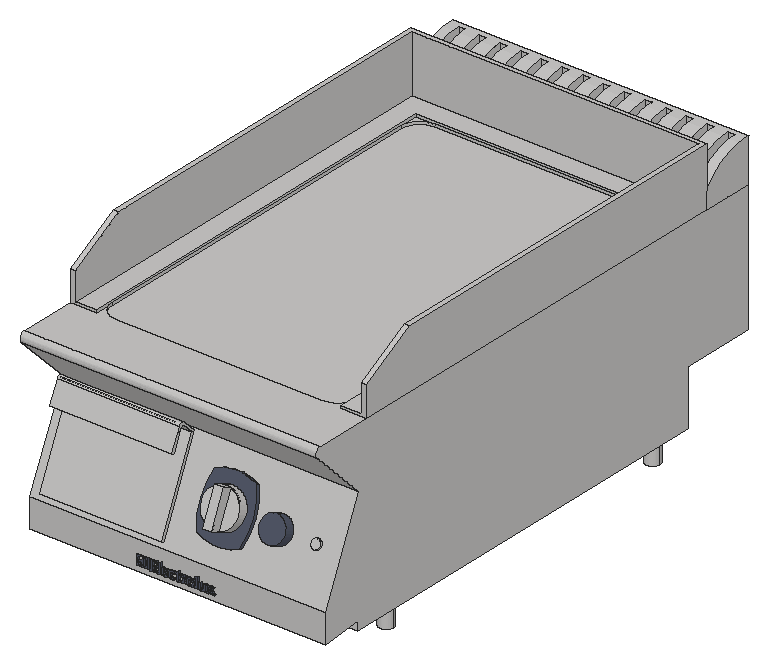
Revit family "QF_ELECTROLUXPROFESSIONAL_Professional_371323_E7IILAAOMCA", category Specialty Equipment, Revit 2018
Family settings
  Round Connector Dimension = Use Diameter
  Part Type = Normal
  Work Plane-Based = No
  Always vertical = Yes
  Cut with Voids When Loaded = No
  Shared = No
  Room Calculation Point = No
Parameters
  Width = 400.05 mm  # constant formula
  Weight in Pounds = 88  # constant formula
  Watts = 0 W
  URL Cutsheet = "www.electrolux.com/foodservice"
  URL = "www.electrolux.com/foodservice"
  Type Mark [instance] = ""
  Status [instance] = ""
  Specification by User [instance] = ""
  Specification by Manufacturer = ""
  Show Logo [instance] = yes
  Show Clearance [instance] = yes
  Serial Number = ""
  Seismic Rating = ""
  SMACNA No = ""
  Revision Code [instance] = ""
  Omniclass Number and Title = ""
  NAFEM Spec ID Number = ""
  Model = "371030"
  Mechanical Remarks = ""
  Mechanical Connection Type = ""
  Masterspec = ""
  Manufacturer = "ELECTROLUX"
  Item Number [instance] = ""
  Installed By [instance] = ""
  Identify Quantity as Lot [instance] = yes
  Height = 355.005 mm  # constant formula
  HP = "0 HP"
  Gas Size = 12.7 mm  # 1/2"
  Gas RI Height [instance] = 0 mm
  Gas KW = 7  # constant formula
  Gas Input [instance] = 6993.55 VA  # 23863.0 Btu/h
  Gas Connection Height = 0 mm
  Furnished By [instance] = ""
  Foodservice Equipment Identifier [instance] = yes
  Direct Waste Size = 0"
  Description = "700XP Half Module Gas Fry Top, Ribbed Plate, Mild Steel"
  Depth = 730.25 mm  # constant formula
  CSI MasterFormat = ""
  CSI Master Format = ""
  Base Height [instance] = 23.813 mm  # constant formula
  Assembly Code = ""
Reference planes
  plane 1 "BACK": y = 0
  plane 2: z = 0
  plane 3 "LEFT": x = 0
  plane 4 "RIGHT": x = 400.05
  plane 5 "FRONT": y = -730.25
  plane 6 "TOP": z = 288.925
  plane 7 "Center Y": x = 200.025
  plane 8 "Center X": y = -365.125
  plane 9 "BASE": z = 23.813
  plane 10 "TOP A": z = 274.638
  plane 11: y = -597.884
  plane 12: y = -147.637
  plane 13: z = 355.005
Forms (mm)
  Extrusion 1, solid, material "QF_Finishes_Stainless Steel"
    sketch origin (0, 0, 0) x (0, 1, 0) y (0, 0, 1)
      loop
        line (0, 274.638) -> (-722.884, 274.638)
        arc (-722.884, 274.638) -> (-729.666, 270.106) -> (-728.075, 262.105) r 7.341
        line (-728.075, 262.105) -> (-657.416, 191.447) -> (-713.772, 69.003) -> (-713.772, 30.903) -> (-660.4, 36.513) -> (-660.4, 23.812) -> (-101.6, 23.812) -> (-101.6, 98.425) -> (0, 98.425) -> (0, 274.638)
    from 0 to 400.05
  Extrusion 2, void
    sketch origin (0, -2.381, 274.638) x (-1, 0, 0) y (0, -1, 0)
      loop
        arc (-60.425, 102.504) -> (-42.464, 109.943) -> (-35.025, 127.904) r 25.4
        line (-35.025, 127.904) -> (-35.025, 617.104)
        arc (-35.025, 617.104) -> (-42.464, 635.064) -> (-60.425, 642.504) r 25.4
        line (-60.425, 642.504) -> (-339.625, 642.504)
        arc (-339.625, 642.504) -> (-357.586, 635.064) -> (-365.025, 617.104) r 25.4
        line (-365.025, 617.104) -> (-365.025, 127.904)
        arc (-365.025, 127.904) -> (-357.586, 109.943) -> (-339.625, 102.504) r 25.4
        line (-339.625, 102.504) -> (-60.425, 102.504)
    from 0 to -3.2
  Extrusion 3, solid, material "QF_Finishes_Stainless Steel"
    sketch origin (0, 0, 0) x (1, 0, 0) y (0, 1, 0)
      loop
        circle (11.112, -147.638) r 9.525
      loop
        circle (11.112, -597.884) r 9.525
      loop
        circle (388.937, -147.638) r 9.525
      loop
        circle (388.937, -597.884) r 9.525
    from 0 to 23.813
  Extrusion 4, solid, material "QF_Finishes_Navy Blue", visible <- "Show Logo"
    sketch origin (-141.676, -713.772, 30.903) x (0, 0, 1) y (-1, 0, 0)
      loop
        line (20.674, -296.698) -> (8.307, -296.698)
        arc (8.307, -296.698) -> (14.491, -301.27) -> (20.674, -296.698) r 6.467
      loop
        arc (20.674, -296.069) -> (19.505, -290.926) -> (14.849, -288.448) r 6.338
        line (14.849, -288.448) -> (14.849, -290.494)
        arc (14.849, -290.494) -> (16.333, -294.149) -> (19.778, -296.069) r 5.941
        line (19.778, -296.069) -> (20.674, -296.069)
      loop
        arc (9.203, -296.069) -> (12.648, -294.149) -> (14.132, -290.494) r 5.941
        line (14.132, -290.494) -> (14.132, -288.448)
        arc (14.132, -288.448) -> (9.438, -290.922) -> (8.148, -296.069) r 6.504
        line (8.148, -296.069) -> (9.203, -296.069)
      loop
        line (21.349, -287.979) -> (7.604, -287.979) -> (7.604, -301.742) -> (21.349, -301.742) -> (21.349, -287.979)
      loop
        arc (21.432, -304.71) -> (21.085, -304.352) -> (20.718, -304.69) r 0.358
        arc (20.718, -304.69) -> (20.404, -305.44) -> (19.687, -305.825) r 1.216
        line (19.687, -305.825) -> (9.274, -305.825)
        arc (9.274, -305.825) -> (8.614, -305.548) -> (8.218, -304.951) r 1.238
        arc (8.218, -304.951) -> (7.823, -304.7) -> (7.518, -305.054) r 0.358
        line (7.518, -305.054) -> (7.518, -314.933) -> (10.269, -314.933) -> (10.269, -314.036)
        arc (10.269, -314.036) -> (9.36, -313.456) -> (8.904, -312.479) r 1.928
        line (8.904, -312.479) -> (8.904, -309.98)
        arc (8.904, -309.98) -> (9.18, -309.251) -> (9.868, -308.887) r 1.101
        line (9.868, -308.887) -> (13.955, -308.887) -> (13.955, -312.561)
        arc (13.955, -312.561) -> (13.602, -313.058) -> (13.037, -313.286) r 1.083
        arc (13.037, -313.286) -> (12.773, -313.591) -> (13.065, -313.869) r 0.292
        line (13.065, -313.869) -> (16.028, -313.869)
        arc (16.028, -313.869) -> (16.33, -313.596) -> (16.092, -313.266) r 0.305
        arc (16.092, -313.266) -> (15.601, -313.018) -> (15.296, -312.561) r 1.083
        line (15.296, -312.561) -> (15.296, -308.887) -> (19.973, -308.887) -> (19.973, -312.635)
        arc (19.973, -312.635) -> (19.759, -313.39) -> (19.153, -313.888) r 1.314
        arc (19.153, -313.888) -> (18.934, -314.292) -> (19.288, -314.585) r 0.361
        line (19.288, -314.585) -> (21.432, -314.585) -> (21.432, -304.71)
      loop
        arc (20.715, -315.365) -> (20.335, -316.284) -> (19.416, -316.664) r 1.299
        line (19.416, -316.664) -> (9.837, -316.664)
        arc (9.837, -316.664) -> (8.999, -316.286) -> (8.728, -315.408) r 1.118
        line (8.728, -315.408) -> (7.518, -315.408) -> (7.518, -320.758) -> (8.706, -320.758)
        arc (8.706, -320.758) -> (8.978, -319.841) -> (9.848, -319.445) r 1.153
        line (9.848, -319.445) -> (21.92, -319.445) -> (20.715, -315.365)
      loop
        line (12.483, -323.394) -> (12.483, -329.842) -> (13.282, -329.842)
        arc (13.282, -329.842) -> (15.862, -328.857) -> (17.131, -326.404) r 3.874
        line (17.131, -326.404) -> (17.131, -324.643)
        arc (17.131, -324.643) -> (15.944, -321.778) -> (13.08, -320.592) r 4.051
        line (13.08, -320.592) -> (11.072, -320.592)
        arc (11.072, -320.592) -> (8.253, -322.077) -> (7.202, -325.084) r 4.352
        arc (7.202, -325.084) -> (7.566, -327.547) -> (8.943, -329.621) r 5.713
        line (8.943, -329.621) -> (9.892, -329.621)
        arc (9.892, -329.621) -> (9.16, -328.052) -> (8.943, -326.334) r 5.579
        arc (8.943, -326.334) -> (9.737, -324.371) -> (11.616, -323.394) r 3.057
        line (11.616, -323.394) -> (12.483, -323.394)
      loop
        line (13.742, -323.394) -> (13.742, -326.977)
        arc (13.742, -326.977) -> (15.199, -327.024) -> (16.082, -325.864) r 1.59
        line (16.082, -325.864) -> (16.082, -325.034)
        arc (16.082, -325.034) -> (15.217, -323.779) -> (13.742, -323.394) r 2.184
      loop
        arc (16.533, -339.259) -> (17.022, -337.585) -> (17.179, -335.848) r 9.023
        line (17.179, -335.848) -> (17.179, -334.486)
        arc (17.179, -334.486) -> (16.02, -331.686) -> (13.22, -330.527) r 3.959
        line (13.22, -330.527) -> (10.62, -330.527)
        arc (10.62, -330.527) -> (8.338, -331.819) -> (7.221, -334.192) r 4.331
        line (7.221, -334.192) -> (7.221, -336.327)
        arc (7.221, -336.327) -> (7.729, -337.877) -> (8.651, -339.223) r 5.772
        arc (8.651, -339.223) -> (9.412, -339.274) -> (9.499, -338.515) r 0.553
        arc (9.499, -338.515) -> (9.111, -337.781) -> (8.977, -336.962) r 2.573
        line (8.977, -336.962) -> (8.977, -335.447)
        arc (8.977, -335.447) -> (9.983, -333.806) -> (11.798, -333.163) r 2.884
        line (11.798, -333.163) -> (13.077, -333.163)
        arc (13.077, -333.163) -> (14.898, -333.723) -> (15.824, -335.388) r 2.554
        line (15.824, -335.388) -> (15.824, -336.441)
        arc (15.824, -336.441) -> (15.493, -337.369) -> (14.836, -338.104) r 2.564
        arc (14.836, -338.104) -> (14.614, -338.821) -> (15.223, -339.259) r 0.643
        line (15.223, -339.259) -> (16.533, -339.259)
      loop
        line (15.515, -339.53) -> (15.515, -341.031) -> (9.467, -341.031)
        arc (9.467, -341.031) -> (7.879, -341.688) -> (7.221, -343.276) r 2.246
        line (7.221, -343.276) -> (7.221, -344.86)
        arc (7.221, -344.86) -> (7.535, -345.725) -> (8.035, -346.496) r 4.06
        arc (8.035, -346.496) -> (8.768, -346.629) -> (9.019, -345.928) r 0.576
        arc (9.019, -345.928) -> (8.913, -345.403) -> (8.977, -344.87) r 1.69
        arc (8.977, -344.87) -> (9.519, -344.082) -> (10.425, -343.779) r 1.506
        line (10.425, -343.779) -> (15.563, -343.779) -> (15.563, -346.176) -> (16.119, -346.733) -> (16.941, -346.733) -> (16.941, -343.873) -> (20.172, -343.873) -> (15.515, -339.53)
      loop
        line (7.438, -347.63) -> (7.438, -353.017) -> (8.548, -353.017)
        arc (8.548, -353.017) -> (8.942, -352.066) -> (9.893, -351.672) r 1.345
        line (9.893, -351.672) -> (13.509, -351.672)
        arc (13.509, -351.672) -> (14.274, -352.264) -> (14.564, -353.186) r 1.615
        line (14.564, -353.186) -> (14.564, -354.742) -> (17.119, -355.427) -> (17.119, -354.044) -> (15.177, -351.485) -> (17.057, -351.485) -> (16.773, -348.779)
        arc (16.773, -348.779) -> (16.333, -348.249) -> (15.674, -348.45) r 0.621
        arc (15.674, -348.45) -> (15.274, -348.792) -> (14.78, -348.975) r 1.501
        line (14.78, -348.975) -> (9.893, -348.975)
        arc (9.893, -348.975) -> (8.942, -348.581) -> (8.548, -347.63) r 1.345
        line (8.548, -347.63) -> (7.438, -347.63)
      loop
        line (13.54, -354.964) -> (10.848, -354.964)
        arc (10.848, -354.964) -> (8.403, -356.272) -> (7.269, -358.803) r 4.288
        arc (7.269, -358.803) -> (7.205, -360.183) -> (7.269, -361.563) r 15.022
        arc (7.269, -361.563) -> (8.403, -364.094) -> (10.848, -365.401) r 4.288
        line (10.848, -365.401) -> (13.54, -365.401)
        arc (13.54, -365.401) -> (15.986, -364.094) -> (17.119, -361.563) r 4.288
        arc (17.119, -361.563) -> (17.183, -360.183) -> (17.119, -358.803) r 15.022
        arc (17.119, -358.803) -> (15.986, -356.272) -> (13.54, -354.964) r 4.288
      loop
        line (13.745, -358.078) -> (10.643, -358.078)
        arc (10.643, -358.078) -> (8.486, -360.235) -> (10.643, -362.392) r 2.157
        line (10.643, -362.392) -> (13.745, -362.392)
        arc (13.745, -362.392) -> (15.902, -360.235) -> (13.745, -358.078) r 2.157
      loop
        arc (20.726, -365.26) -> (20.355, -366.154) -> (19.461, -366.524) r 1.264
        line (19.461, -366.524) -> (9.597, -366.524)
        arc (9.597, -366.524) -> (8.727, -366.127) -> (8.455, -365.211) r 1.153
        line (8.455, -365.211) -> (7.518, -365.211) -> (7.518, -370.319) -> (8.446, -370.319)
        arc (8.446, -370.319) -> (8.805, -369.547) -> (9.597, -369.232) r 1.153
        line (9.597, -369.232) -> (21.92, -369.232) -> (20.726, -365.26)
      loop
        arc (15.846, -369.857) -> (15.647, -370.921) -> (14.678, -371.403) r 1.215
        line (14.678, -371.403) -> (9.658, -371.403)
        arc (9.658, -371.403) -> (8.043, -372.051) -> (7.322, -373.634) r 2.338
        line (7.322, -373.634) -> (7.322, -375.148)
        arc (7.322, -375.148) -> (7.497, -376.152) -> (7.999, -377.038) r 2.979
        line (7.999, -377.038) -> (7.518, -378.835) -> (7.518, -380.524) -> (16.943, -380.524) -> (16.649, -376.32) -> (15.863, -376.32)
        arc (15.863, -376.32) -> (15.507, -377.156) -> (14.755, -377.665) r 1.605
        line (14.755, -377.665) -> (9.652, -377.665)
        arc (9.652, -377.665) -> (9.232, -376.728) -> (9.159, -375.704) r 2.94
        arc (9.159, -375.704) -> (9.72, -374.603) -> (10.873, -374.16) r 1.724
        line (10.873, -374.16) -> (17.07, -374.16) -> (15.846, -369.857)
      loop
        line (16.874, -381.377) -> (15.202, -383.423) -> (12.028, -385.729) -> (8.572, -382.617)
        arc (8.572, -382.617) -> (8.335, -382.223) -> (8.357, -381.764) r 0.789
        line (8.357, -381.764) -> (7.518, -381.764) -> (7.518, -385.309) -> (8.344, -385.309)
        arc (8.344, -385.309) -> (8.686, -384.947) -> (9.176, -385.039) r 0.52
        line (9.176, -385.039) -> (10.976, -386.51) -> (8.858, -387.886)
        arc (8.858, -387.886) -> (8.457, -387.576) -> (8.37, -387.076) r 0.7
        line (8.37, -387.076) -> (7.518, -387.076) -> (7.518, -393.003) -> (8.405, -393.003)
        arc (8.405, -393.003) -> (8.472, -392.344) -> (8.866, -391.813) r 1.247
        line (8.866, -391.813) -> (13.066, -388.532) -> (15.513, -390.585) -> (16.874, -392.327) -> (16.874, -388.604) -> (15.389, -389.026) -> (13.868, -387.749) -> (15.568, -386.559) -> (16.874, -387.336) -> (16.874, -381.377)
    from 0 to 1.644
  Extrusion 5, solid, material "QF_Finishes_Stainless Steel"
    sketch origin (0, -101.6, 101.6) x (0, 0, -1) y (-1, 0, 0)
      loop
        circle (43.882, -347.663) r 6.35
    from 0 to 3.175
  Extrusion 6, solid, material "QF_Finishes_Clearance", visible <- "Show Clearance", detail levels coarse
    sketch origin (0, 0, 0) x (1, 0, 0) y (0, 1, 0)
      loop
        line (0, -730.25) -> (0, 0) -> (400.05, 0) -> (400.05, -730.25) -> (550.069, -730.25) -> (550.069, 150.019) -> (-150.019, 150.019) -> (-150.019, -730.25) -> (0, -730.25)
    from 0 to 355.005
  Extrusion 7, solid, material "QF_Finishes_Stainless Steel"
    sketch origin (0, 0, 0) x (0, 1, 0) y (0, 0, 1)
      loop
        line (-658.831, 188.372) -> (-675.238, 204.778)
        arc (-675.238, 204.778) -> (-679.705, 206.181) -> (-683.409, 203.316) r 5.058
        line (-683.409, 203.316) -> (-696.071, 175.806) -> (-693.187, 174.479) -> (-680.525, 201.989)
        arc (-680.525, 201.989) -> (-679.146, 203.055) -> (-677.483, 202.533) r 1.883
        line (-677.483, 202.533) -> (-662.64, 187.69) -> (-713.474, 77.245) -> (-710.589, 75.918) -> (-658.831, 188.372)
    from 12.7 to 177.8
  Extrusion 8, solid, material "QF_Finishes_Drawer Clearance", visible <- "Show Clearance", detail levels coarse
    sketch origin (0, -101.6, 0) x (0, 1, 0) y (0, 0, 1)
      loop
        line (-660.751, 174.479) -> (-648.089, 201.989)
        arc (-648.089, 201.989) -> (-646.71, 203.055) -> (-645.046, 202.533) r 1.883
        line (-645.046, 202.533) -> (-630.204, 187.69) -> (-681.037, 77.245) -> (-678.153, 75.918) -> (-608.989, 75.918) -> (-557.231, 188.372) -> (-573.638, 204.778)
        arc (-573.638, 204.778) -> (-574.873, 205.685) -> (-576.323, 206.181) r 5.058
        line (-576.323, 206.181) -> (-647.269, 206.181)
        arc (-647.269, 206.181) -> (-649.472, 205.203) -> (-650.973, 203.316) r 5.058
        line (-650.973, 203.316) -> (-663.635, 175.806) -> (-660.751, 174.479)
    from 12.7 to 177.8
  Extrusion 9, solid, material "QF_Finishes_Stainless Steel"
    sketch origin (0, 0, 0) x (0, 1, 0) y (0, 0, 1)
      loop
        line (0, 274.638) -> (0, 333.375)
        arc (0, 333.375) -> (-38.879, 324.991) -> (-69.85, 300.038) r 86.156
        line (-69.85, 300.038) -> (-69.85, 274.638) -> (0, 274.638)
    from 0 to 400.05
  Extrusion 10, void
    sketch origin (0, 0, 274.638) x (-1, 0, 0) y (0, -1, 0)
      loop
        line (-13.453, 6.761) -> (-13.453, 63.911) -> (-22.749, 63.911) -> (-22.749, 6.761) -> (-13.453, 6.761)
    from 25.4 to 63.5
  Extrusion 11, void
    sketch origin (400.05, 0, 274.638) x (1, 0, 0) y (0, 1, 0)
      loop
        line (-13.453, -6.761) -> (-22.749, -6.761) -> (-22.749, -63.911) -> (-13.453, -63.911) -> (-13.453, -6.761)
    from 25.4 to 63.5
  Extrusion 12, void
    sketch origin (27.988, 0, 274.638) x (-1, 0, 0) y (0, -1, 0)
      loop
        line (-13.453, 6.761) -> (-13.453, 63.911) -> (-22.749, 63.911) -> (-22.749, 6.761) -> (-13.453, 6.761)
    from 25.4 to 63.5
  Extrusion 13, void
    sketch origin (55.977, 0, 274.638) x (-1, 0, 0) y (0, -1, 0)
      loop
        line (-13.453, 6.761) -> (-13.453, 63.911) -> (-22.749, 63.911) -> (-22.749, 6.761) -> (-13.453, 6.761)
    from 25.4 to 63.5
  Extrusion 14, void
    sketch origin (83.965, 0, 274.638) x (-1, 0, 0) y (0, -1, 0)
      loop
        line (-13.453, 6.761) -> (-13.453, 63.911) -> (-22.749, 63.911) -> (-22.749, 6.761) -> (-13.453, 6.761)
    from 25.4 to 63.5
  Extrusion 15, void
    sketch origin (111.953, 0, 274.638) x (-1, 0, 0) y (0, -1, 0)
      loop
        line (-13.453, 6.761) -> (-13.453, 63.911) -> (-22.749, 63.911) -> (-22.749, 6.761) -> (-13.453, 6.761)
    from 25.4 to 63.5
  Extrusion 16, void
    sketch origin (139.942, 0, 274.638) x (-1, 0, 0) y (0, -1, 0)
      loop
        line (-13.453, 6.761) -> (-13.453, 63.911) -> (-22.749, 63.911) -> (-22.749, 6.761) -> (-13.453, 6.761)
    from 25.4 to 63.5
  Extrusion 17, void
    sketch origin (167.93, 0, 274.638) x (-1, 0, 0) y (0, -1, 0)
      loop
        line (-13.453, 6.761) -> (-13.453, 63.911) -> (-22.749, 63.911) -> (-22.749, 6.761) -> (-13.453, 6.761)
    from 25.4 to 63.5
  Extrusion 18, void
    sketch origin (195.918, 0, 274.638) x (-1, 0, 0) y (0, -1, 0)
      loop
        line (-13.453, 6.761) -> (-13.453, 63.911) -> (-22.749, 63.911) -> (-22.749, 6.761) -> (-13.453, 6.761)
    from 25.4 to 63.5
  Extrusion 19, void
    sketch origin (223.907, 0, 274.638) x (-1, 0, 0) y (0, -1, 0)
      loop
        line (-13.453, 6.761) -> (-13.453, 63.911) -> (-22.749, 63.911) -> (-22.749, 6.761) -> (-13.453, 6.761)
    from 25.4 to 63.5
  Extrusion 20, void
    sketch origin (251.895, 0, 274.638) x (-1, 0, 0) y (0, -1, 0)
      loop
        line (-13.453, 6.761) -> (-13.453, 63.911) -> (-22.749, 63.911) -> (-22.749, 6.761) -> (-13.453, 6.761)
    from 25.4 to 63.5
  Extrusion 21, void
    sketch origin (279.884, 0, 274.638) x (-1, 0, 0) y (0, -1, 0)
      loop
        line (-13.453, 6.761) -> (-13.453, 63.911) -> (-22.749, 63.911) -> (-22.749, 6.761) -> (-13.453, 6.761)
    from 25.4 to 63.5
  Extrusion 22, void
    sketch origin (307.872, 0, 274.638) x (-1, 0, 0) y (0, -1, 0)
      loop
        line (-13.453, 6.761) -> (-13.453, 63.911) -> (-22.749, 63.911) -> (-22.749, 6.761) -> (-13.453, 6.761)
    from 25.4 to 63.5
  Extrusion 23, void
    sketch origin (335.86, 0, 274.638) x (-1, 0, 0) y (0, -1, 0)
      loop
        line (-13.453, 6.761) -> (-13.453, 63.911) -> (-22.749, 63.911) -> (-22.749, 6.761) -> (-13.453, 6.761)
    from 25.4 to 63.5
  Sweep 24, solid, material "QF_Finishes_Stainless Steel"
    path origin (0, -2.381, 274.638) x (-1, 0, 0) y (0, -1, 0)
      loop
        line (-365.025, 642.504) -> (-365.025, 102.504) -> (-35.025, 102.504) -> (-35.025, 642.504)
    profile origin (35.025, -374.885, 274.638) x (1, 0, 0) y (0, 0, 1)
      loop
        line (-35.025, 0) -> (0, 0) -> (0, 3.175) -> (-28.675, 3.175) -> (-28.675, 80.367) -> (-35.025, 80.367) -> (-35.025, 0)
  Extrusion 25, void
    sketch origin (0, -69.86, 274.638) x (0, 1, 0) y (0, 0, 1)
      loop
        line (-575.025, 40.481) -> (-501.995, 80.367) -> (-575.025, 80.367) -> (-575.025, 40.481)
    from 0 to 6.35
  Extrusion 26, void
    sketch origin (400.05, -644.885, 274.638) x (0, -1, 0) y (0, 0, 1)
      loop
        line (0, 40.481) -> (0, 80.367) -> (-73.03, 80.367) -> (0, 40.481)
    from 0 to 6.35
  Extrusion 27, solid, material "QF_Finishes_Navy Blue"
    sketch origin (85.294, -713.772, 69.003) x (0, 0.418102, 0.9084) y (-1, 0, 0)
      loop
        arc (102.623, -132.62) -> (67.041, -124.996) -> (31.333, -132.003) r 90.5
        arc (31.333, -132.003) -> (24.507, -161.19) -> (31.333, -190.378) r 65.817
        arc (31.333, -190.378) -> (67.04, -197.338) -> (102.623, -189.765) r 91.066
        arc (102.623, -189.765) -> (109.179, -161.193) -> (102.623, -132.62) r 65.546
    from 0 to 3.175
  Extrusion 28, solid, material "QF_Finishes_Stainless Steel"
    sketch origin (85.294, -717.485, 68.529) x (0, 0.418102, 0.9084) y (-1, 0, 0)
      loop
        circle (68.826, -160.963) r 25.4
    from 0 to 12.7
  Extrusion 29, solid, material "QF_Finishes_Stainless Steel"
    sketch origin (85.294, -729.022, 73.839) x (0, 0.418102, 0.9084) y (-1, 0, 0)
      loop
        arc (93.558, -166.749) -> (94.226, -160.963) -> (93.558, -155.177) r 25.4
        line (93.558, -155.177) -> (44.094, -155.177)
        arc (44.094, -155.177) -> (43.426, -160.963) -> (44.094, -166.749) r 25.4
        line (44.094, -166.749) -> (93.558, -166.749)
    from 0 to 12.7
  Extrusion 30, solid, material "QF_Finishes_Navy Blue"
    sketch origin (0, -713.772, 69.003) x (0, 0.418102, 0.9084) y (-1, 0, 0)
      loop
        circle (65.471, -315.169) r 17.78
    from 0 to 12.7
  Extrusion 31, solid, material "QF_Finishes_Stainless Steel"
    sketch origin (0, -713.772, 69.003) x (0, 0.418102, 0.9084) y (-1, 0, 0)
      loop
        circle (65.471, -365.969) r 6.35
    from 0 to 1.588
Cuts and joins
  Extrusion 2 cuts Extrusion 1
  Extrusion 10, Extrusion 11, Extrusion 12, Extrusion 13, Extrusion 14, Extrusion 15, Extrusion 16, Extrusion 17, Extrusion 18, Extrusion 19, Extrusion 20, Extrusion 21, Extrusion 22, Extrusion 23 cuts Extrusion 9
  Extrusion 25, Extrusion 26 cuts Sweep 24
Lines and regions (mm)
  symbolic lines, style "QF-Clearances", visible <- "Show Clearance", detail levels coarse
    curve 1: line (-150.019, 150.019, 274.638) -> (-150.019, -730.25, 274.638)
    curve 2: line (550.069, 150.019, 274.638) -> (-150.019, 150.019, 274.638)
    curve 3: line (550.069, -730.25, 274.638) -> (550.069, 150.019, 274.638)
  symbolic lines
    curve 4: line (0, 0, 274.638) -> (400.05, 0, 274.638)
    curve 5: line (0, -730.25, 274.638) -> (0, 0, 274.638)
    curve 6: line (400.05, 0, 274.638) -> (400.05, -730.25, 274.638)
    curve 7: line (35.025, -130.285, 274.638) -> (35.025, -644.885, 274.638)
    curve 8: arc (35.025, -619.485, 274.638) -> (42.464, -637.445, 274.638) -> (60.425, -644.885, 274.638) r 25.4
    curve 9: line (0, -644.885, 274.638) -> (35.025, -644.885, 274.638)
    curve 10: arc (339.625, -644.885, 274.638) -> (357.586, -637.445, 274.638) -> (365.025, -619.485, 274.638) r 25.4
    curve 11: line (365.025, -644.885, 274.638) -> (365.025, -130.285, 274.638)
    curve 12: line (339.625, -104.885, 274.638) -> (60.425, -104.885, 274.638)
    curve 13: line (0, -69.85, 274.638) -> (400.05, -69.85, 274.638)
    curve 14: line (400.05, -730.25, 274.638) -> (0, -730.25, 274.638)
    curve 15: arc (60.425, -104.885, 274.638) -> (42.464, -112.324, 274.638) -> (35.025, -130.285, 274.638) r 25.4
    curve 16: arc (339.625, -104.885, 274.638) -> (357.586, -112.324, 274.638) -> (365.025, -130.285, 274.638) r 25.4
    curve 17: line (6.35, -76.21, 274.638) -> (6.35, -644.885, 274.638)
    curve 18: line (6.35, -76.21, 274.638) -> (393.7, -76.21, 274.638)
    curve 19: line (393.7, -76.21, 274.638) -> (393.7, -644.885, 274.638)
    curve 20: line (13.453, -6.761, 274.638) -> (22.749, -6.761, 274.638)
    curve 21: line (13.453, -63.911, 274.638) -> (13.453, -6.761, 274.638)
    curve 22: line (22.749, -63.911, 274.638) -> (13.453, -63.911, 274.638)
    curve 23: line (22.749, -6.761, 274.638) -> (22.749, -63.911, 274.638)
    curve 24: line (41.441, -6.761, 274.638) -> (50.737, -6.761, 274.638)
    curve 25: line (41.441, -63.911, 274.638) -> (41.441, -6.761, 274.638)
    curve 26: line (50.737, -63.911, 274.638) -> (41.441, -63.911, 274.638)
    curve 27: line (50.737, -6.761, 274.638) -> (50.737, -63.911, 274.638)
    curve 28: line (69.43, -6.761, 274.638) -> (78.725, -6.761, 274.638)
    curve 29: line (69.43, -63.911, 274.638) -> (69.43, -6.761, 274.638)
    curve 30: line (78.725, -63.911, 274.638) -> (69.43, -63.911, 274.638)
    curve 31: line (78.725, -6.761, 274.638) -> (78.725, -63.911, 274.638)
    curve 32: line (97.418, -6.761, 274.638) -> (106.714, -6.761, 274.638)
    curve 33: line (97.418, -63.911, 274.638) -> (97.418, -6.761, 274.638)
    curve 34: line (106.714, -63.911, 274.638) -> (97.418, -63.911, 274.638)
    curve 35: line (106.714, -6.761, 274.638) -> (106.714, -63.911, 274.638)
    curve 36: line (125.406, -6.761, 274.638) -> (134.702, -6.761, 274.638)
    curve 37: line (125.406, -63.911, 274.638) -> (125.406, -6.761, 274.638)
    curve 38: line (134.702, -63.911, 274.638) -> (125.406, -63.911, 274.638)
    curve 39: line (134.702, -6.761, 274.638) -> (134.702, -63.911, 274.638)
    curve 40: line (153.395, -6.761, 274.638) -> (162.69, -6.761, 274.638)
    curve 41: line (153.395, -63.911, 274.638) -> (153.395, -6.761, 274.638)
    curve 42: line (162.69, -63.911, 274.638) -> (153.395, -63.911, 274.638)
    curve 43: line (162.69, -6.761, 274.638) -> (162.69, -63.911, 274.638)
    curve 44: line (181.383, -6.761, 274.638) -> (190.679, -6.761, 274.638)
    curve 45: line (181.383, -63.911, 274.638) -> (181.383, -6.761, 274.638)
    curve 46: line (190.679, -63.911, 274.638) -> (181.383, -63.911, 274.638)
    curve 47: line (190.679, -6.761, 274.638) -> (190.679, -63.911, 274.638)
    curve 48: line (209.371, -6.761, 274.638) -> (218.667, -6.761, 274.638)
    curve 49: line (209.371, -63.911, 274.638) -> (209.371, -6.761, 274.638)
    curve 50: line (218.667, -63.911, 274.638) -> (209.371, -63.911, 274.638)
    curve 51: line (218.667, -6.761, 274.638) -> (218.667, -63.911, 274.638)
    curve 52: line (237.36, -6.761, 274.638) -> (246.655, -6.761, 274.638)
    curve 53: line (237.36, -63.911, 274.638) -> (237.36, -6.761, 274.638)
    curve 54: line (246.655, -63.911, 274.638) -> (237.36, -63.911, 274.638)
    curve 55: line (246.655, -6.761, 274.638) -> (246.655, -63.911, 274.638)
    curve 56: line (265.348, -6.761, 274.638) -> (274.644, -6.761, 274.638)
    curve 57: line (265.348, -63.911, 274.638) -> (265.348, -6.761, 274.638)
    curve 58: line (274.644, -63.911, 274.638) -> (265.348, -63.911, 274.638)
    curve 59: line (274.644, -6.761, 274.638) -> (274.644, -63.911, 274.638)
    curve 60: line (293.336, -6.761, 274.638) -> (302.632, -6.761, 274.638)
    curve 61: line (293.336, -63.911, 274.638) -> (293.336, -6.761, 274.638)
    curve 62: line (302.632, -63.911, 274.638) -> (293.336, -63.911, 274.638)
    curve 63: line (302.632, -6.761, 274.638) -> (302.632, -63.911, 274.638)
    curve 64: line (321.325, -6.761, 274.638) -> (330.62, -6.761, 274.638)
    curve 65: line (321.325, -63.911, 274.638) -> (321.325, -6.761, 274.638)
    curve 66: line (330.62, -63.911, 274.638) -> (321.325, -63.911, 274.638)
    curve 67: line (330.62, -6.761, 274.638) -> (330.62, -63.911, 274.638)
    curve 68: line (349.313, -6.761, 274.638) -> (358.609, -6.761, 274.638)
    curve 69: line (349.313, -63.911, 274.638) -> (349.313, -6.761, 274.638)
    curve 70: line (358.609, -63.911, 274.638) -> (349.313, -63.911, 274.638)
    curve 71: line (358.609, -6.761, 274.638) -> (358.609, -63.911, 274.638)
    curve 72: line (377.301, -6.761, 274.638) -> (386.597, -6.761, 274.638)
    curve 73: line (377.301, -63.911, 274.638) -> (377.301, -6.761, 274.638)
    curve 74: line (386.597, -63.911, 274.638) -> (377.301, -63.911, 274.638)
    curve 75: line (386.597, -6.761, 274.638) -> (386.597, -63.911, 274.638)
    curve 76: line (365.025, -644.885, 274.638) -> (400.05, -644.885, 274.638)
    curve 77: line (60.425, -644.885, 274.638) -> (339.625, -644.885, 274.638)
  symbolic lines, style "QF_Drawer Clearance"
    curve 78: line (12.7, -782.637, 0) -> (177.8, -782.637, 0)
    curve 79: line (177.8, -782.637, 0) -> (177.8, -730.25, 0)
    curve 80: line (12.7, -782.637, 0) -> (12.7, -730.25, 0)
Dimensions and locks
  equal spacing: plane 3 "LEFT", plane 7 "Center Y", plane 4 "RIGHT"
  "Width": plane 3 "LEFT" to plane 4 "RIGHT"
  equal spacing: plane 5 "FRONT", plane 8 "Center X", plane 1 "BACK"
  "Depth": plane 5 "FRONT" to plane 1 "BACK"
  plane 1 "BACK" to plane 5 "FRONT" = 730.25 mm
  "Base Height": plane 9 "BASE" to level
  locked: plane 10 "TOP A" to plane 9 "BASE" at 250.825
  plane 4 "RIGHT" to Extrusion 5 sketch curve = 52.388 mm
  Sweep 24 sketch curve to level = 355.005 mm
  plane 10 "TOP A" to plane 9 "BASE" = 250.825 mm
  plane 9 "BASE" to level = 23.813 mm
  plane 9 "BASE" to cut or joined group of Extrusion 1, Extrusion 2 = 74.612 mm
  "Height": plane 13 to level
  aligned and locked: level to plane 2
  aligned and locked: plane 4 "RIGHT" to Extrusion 1
  aligned and locked: plane 9 "BASE" to Extrusion 3
  aligned: plane 6 "TOP" to Extrusion 6
  aligned and locked: Extrusion 6 to plane 13
Automatic sketch dimensions
  plane 1 "BACK" to Extrusion 14 sketch curve = 6.761 mm
  Extrusion 14 sketch curve to plane 7 "Center Y" = 93.311 mm
  Extrusion 14 sketch curve to Extrusion 14 sketch curve = 9.296 mm
  Extrusion 14 sketch curve to Extrusion 14 sketch curve = 57.15 mm
  plane 1 "BACK" to Extrusion 15 sketch curve = 6.761 mm
  Extrusion 15 sketch curve to plane 7 "Center Y" = 65.323 mm
  Extrusion 15 sketch curve to Extrusion 15 sketch curve = 9.296 mm
  Extrusion 15 sketch curve to Extrusion 15 sketch curve = 57.15 mm
  plane 1 "BACK" to Extrusion 16 sketch curve = 6.761 mm
  Extrusion 16 sketch curve to plane 7 "Center Y" = 37.335 mm
  Extrusion 16 sketch curve to Extrusion 16 sketch curve = 9.296 mm
  Extrusion 16 sketch curve to Extrusion 16 sketch curve = 57.15 mm
  Extrusion 17 sketch curve to plane 7 "Center Y" = 9.346 mm
  Extrusion 17 sketch curve to Extrusion 17 sketch curve = 9.296 mm
  plane 1 "BACK" to Extrusion 17 sketch curve = 6.761 mm
  Extrusion 17 sketch curve to Extrusion 17 sketch curve = 57.15 mm
  plane 1 "BACK" to Extrusion 18 sketch curve = 6.761 mm
  plane 7 "Center Y" to Extrusion 18 sketch curve = 18.642 mm
  Extrusion 18 sketch curve to Extrusion 18 sketch curve = 9.296 mm
  Extrusion 18 sketch curve to Extrusion 18 sketch curve = 57.15 mm
  plane 1 "BACK" to Extrusion 19 sketch curve = 6.761 mm
  plane 7 "Center Y" to Extrusion 19 sketch curve = 46.63 mm
  Extrusion 19 sketch curve to Extrusion 19 sketch curve = 9.296 mm
  Extrusion 19 sketch curve to Extrusion 19 sketch curve = 57.15 mm
  plane 1 "BACK" to Extrusion 20 sketch curve = 6.761 mm
  plane 7 "Center Y" to Extrusion 20 sketch curve = 74.619 mm
  Extrusion 20 sketch curve to Extrusion 20 sketch curve = 9.296 mm
  Extrusion 20 sketch curve to Extrusion 20 sketch curve = 57.15 mm
  Extrusion 2 sketch curve to plane 4 "RIGHT" = 35.025 mm
  Extrusion 2 sketch curve to Extrusion 2 sketch curve = 25.4 mm  (x3)
  Extrusion 2 sketch curve to plane 12 = 17.353 mm
  plane 3 "LEFT" to Extrusion 2 sketch curve = 60.425 mm  (x2)
  plane 11 to Extrusion 2 sketch curve = 21.6 mm
  plane 11 to Extrusion 3 sketch curve = 0 mm  (x2)
  plane 12 to Extrusion 3 sketch curve = 0 mm  (x2)
  plane 3 "LEFT" to Extrusion 3 sketch curve = 11.112 mm  (x2)
  Extrusion 3 sketch curve to plane 4 "RIGHT" = 11.113 mm  (x2)
  Extrusion 4 sketch curve to Extrusion 1 = 2.161 mm
  Extrusion 4 sketch curve to Extrusion 1 = 7.202 mm
  Extrusion 4 sketch curve to Extrusion 1 = 7.221 mm  (x2)
  Extrusion 4 sketch curve to Extrusion 4 sketch curve = 5.108 mm  (x2)
  Extrusion 4 sketch curve to Extrusion 4 sketch curve = 0 mm  (x27)
  Extrusion 4 sketch curve to Extrusion 1 = 7.322 mm
  Extrusion 4 sketch curve to Extrusion 4 sketch curve = 0.218 mm
  Extrusion 4 sketch curve to Extrusion 4 sketch curve = 0.195 mm
  Extrusion 4 sketch curve to Extrusion 4 sketch curve = 0.249 mm
  Extrusion 4 sketch curve to Extrusion 1 = 7.518 mm
  Extrusion 4 sketch curve to Extrusion 4 sketch curve = 0.087 mm
  Extrusion 4 sketch curve to Extrusion 4 sketch curve = 0.358 mm
  Extrusion 4 sketch curve to Extrusion 4 sketch curve = 0.481 mm
  Extrusion 4 sketch curve to Extrusion 4 sketch curve = 0.597 mm
  Extrusion 4 sketch curve to Extrusion 4 sketch curve = 0.544 mm
  Extrusion 4 sketch curve to Extrusion 4 sketch curve = 0.936 mm
  Extrusion 4 sketch curve to Extrusion 4 sketch curve = 0.594 mm
  Extrusion 4 sketch curve to Extrusion 4 sketch curve = 0.343 mm
  Extrusion 4 sketch curve to Extrusion 4 sketch curve = 0.159 mm
  Extrusion 4 sketch curve to Extrusion 4 sketch curve = 0.826 mm
  Extrusion 4 sketch curve to Extrusion 4 sketch curve = 0.839 mm
  Extrusion 4 sketch curve to Extrusion 4 sketch curve = 0.852 mm
  Extrusion 4 sketch curve to Extrusion 4 sketch curve = 0.887 mm
  Extrusion 4 sketch curve to Extrusion 4 sketch curve = 0.928 mm
  Extrusion 4 sketch curve to Extrusion 4 sketch curve = 0.938 mm
  Extrusion 4 sketch curve to Extrusion 4 sketch curve = 0.444 mm
  Extrusion 4 sketch curve to Extrusion 4 sketch curve = 1.11 mm  (x3)
  Extrusion 4 sketch curve to Extrusion 4 sketch curve = 0.215 mm
  Extrusion 4 sketch curve to Extrusion 4 sketch curve = 1.43 mm
  Extrusion 4 sketch curve to Extrusion 4 sketch curve = 1.188 mm
  Extrusion 4 sketch curve to Extrusion 4 sketch curve = 1.21 mm  (x2)
  Extrusion 4 sketch curve to Extrusion 4 sketch curve = 0.503 mm
  Extrusion 4 sketch curve to Extrusion 4 sketch curve = 0.488 mm
  Extrusion 4 sketch curve to Extrusion 4 sketch curve = 0.462 mm
  Extrusion 4 sketch curve to Extrusion 4 sketch curve = 1.386 mm
  Extrusion 4 sketch curve to Extrusion 4 sketch curve = 1.742 mm  (x2)
  Extrusion 4 sketch curve to Extrusion 4 sketch curve = 0.821 mm
  Extrusion 4 sketch curve to Extrusion 4 sketch curve = 0.497 mm
  Extrusion 4 sketch curve to Extrusion 4 sketch curve = 0.539 mm
  Extrusion 4 sketch curve to Extrusion 4 sketch curve = 0.686 mm
  Extrusion 4 sketch curve to Extrusion 4 sketch curve = 0.408 mm
  Extrusion 4 sketch curve to Extrusion 4 sketch curve = 0.743 mm
  Extrusion 4 sketch curve to Extrusion 4 sketch curve = 1.16 mm
  Extrusion 4 sketch curve to Extrusion 4 sketch curve = 0.329 mm
  Extrusion 4 sketch curve to Extrusion 4 sketch curve = 1.054 mm
  Extrusion 4 sketch curve to Extrusion 4 sketch curve = 1.056 mm
  Extrusion 4 sketch curve to Extrusion 4 sketch curve = 0.129 mm
  Extrusion 4 sketch curve to Extrusion 4 sketch curve = 0.489 mm
  Extrusion 4 sketch curve to Extrusion 4 sketch curve = 0.441 mm
  Extrusion 4 sketch curve to Extrusion 4 sketch curve = 1.151 mm
  Extrusion 4 sketch curve to Extrusion 4 sketch curve = 1.141 mm  (x2)
  Extrusion 4 sketch curve to Extrusion 4 sketch curve = 0.768 mm
  Extrusion 4 sketch curve to Extrusion 4 sketch curve = 1.653 mm
  Extrusion 4 sketch curve to Extrusion 4 sketch curve = 0.499 mm
  Extrusion 4 sketch curve to Extrusion 4 sketch curve = 0.964 mm
  Extrusion 4 sketch curve to Extrusion 4 sketch curve = 0.949 mm
  Extrusion 4 sketch curve to Extrusion 4 sketch curve = 1.345 mm  (x3)
  Extrusion 4 sketch curve to Extrusion 4 sketch curve = 1.101 mm
  Extrusion 4 sketch curve to Extrusion 4 sketch curve = 0.432 mm
  Extrusion 4 sketch curve to Extrusion 4 sketch curve = 1.142 mm
  Extrusion 4 sketch curve to Extrusion 4 sketch curve = 0.959 mm
  Extrusion 4 sketch curve to Extrusion 4 sketch curve = 0.176 mm
  Extrusion 4 sketch curve to Extrusion 4 sketch curve = 0.728 mm
  Extrusion 4 sketch curve to Extrusion 4 sketch curve = 3.375 mm  (x2)
  Extrusion 4 sketch curve to Extrusion 4 sketch curve = 0.541 mm
  Extrusion 4 sketch curve to Extrusion 4 sketch curve = 0.955 mm
  Extrusion 4 sketch curve to Extrusion 4 sketch curve = 1.251 mm
  Extrusion 4 sketch curve to Extrusion 4 sketch curve = 0.572 mm
  Extrusion 4 sketch curve to Extrusion 4 sketch curve = 1.92 mm
  Extrusion 4 sketch curve to Extrusion 4 sketch curve = 1.224 mm
  Extrusion 4 sketch curve to Extrusion 4 sketch curve = 0.745 mm
  Extrusion 4 sketch curve to Extrusion 4 sketch curve = 2.537 mm
  Extrusion 4 sketch curve to Extrusion 4 sketch curve = 0.896 mm  (x3)
  Extrusion 4 sketch curve to Extrusion 4 sketch curve = 0.036 mm
  Extrusion 4 sketch curve to Extrusion 4 sketch curve = 2.607 mm
  Extrusion 4 sketch curve to Extrusion 4 sketch curve = 0.066 mm
  Extrusion 4 sketch curve to Extrusion 4 sketch curve = 0.248 mm
  Extrusion 4 sketch curve to Extrusion 4 sketch curve = 0.449 mm
  Extrusion 4 sketch curve to Extrusion 4 sketch curve = 1.052 mm
  Extrusion 4 sketch curve to Extrusion 4 sketch curve = 1.863 mm
  Extrusion 4 sketch curve to Extrusion 4 sketch curve = 1.31 mm  (x2)
  Extrusion 4 sketch curve to Extrusion 4 sketch curve = 0.901 mm
  Extrusion 4 sketch curve to Extrusion 4 sketch curve = 1.107 mm
  Extrusion 4 sketch curve to Extrusion 4 sketch curve = 2.122 mm
  Extrusion 4 sketch curve to Extrusion 4 sketch curve = 2.101 mm
  Extrusion 4 sketch curve to Extrusion 4 sketch curve = 0.106 mm
  Extrusion 4 sketch curve to Extrusion 4 sketch curve = 0.029 mm
  Extrusion 4 sketch curve to Extrusion 4 sketch curve = 2.09 mm
  Extrusion 4 sketch curve to Extrusion 4 sketch curve = 1.279 mm
  Extrusion 4 sketch curve to Extrusion 4 sketch curve = 2.008 mm
  Extrusion 4 sketch curve to Extrusion 4 sketch curve = 0.738 mm
  Extrusion 4 sketch curve to Extrusion 4 sketch curve = 0.382 mm
  Extrusion 4 sketch curve to Extrusion 4 sketch curve = 0.384 mm
  Extrusion 4 sketch curve to Extrusion 4 sketch curve = 0.002 mm
  Extrusion 4 sketch curve to Extrusion 4 sketch curve = 0.561 mm
  Extrusion 4 sketch curve to Extrusion 4 sketch curve = 0.592 mm
  Extrusion 4 sketch curve to Extrusion 4 sketch curve = 2.692 mm
  Extrusion 4 sketch curve to Extrusion 4 sketch curve = 1.259 mm
  Extrusion 4 sketch curve to Extrusion 4 sketch curve = 0.802 mm
  Extrusion 4 sketch curve to Extrusion 4 sketch curve = 1.024 mm
  Extrusion 4 sketch curve to Extrusion 4 sketch curve = 0.682 mm
  Extrusion 4 sketch curve to Extrusion 4 sketch curve = 5.934 mm
  Extrusion 4 sketch curve to Extrusion 4 sketch curve = 2.186 mm
  Extrusion 4 sketch curve to Extrusion 4 sketch curve = 0.337 mm
  Extrusion 4 sketch curve to Extrusion 4 sketch curve = 0.021 mm
  Extrusion 4 sketch curve to Extrusion 4 sketch curve = 1.005 mm
  Extrusion 4 sketch curve to Extrusion 4 sketch curve = 0.552 mm
  Extrusion 4 sketch curve to Extrusion 4 sketch curve = 0.778 mm
  Extrusion 4 sketch curve to Extrusion 4 sketch curve = 0.063 mm
  Extrusion 4 sketch curve to Extrusion 4 sketch curve = 1.023 mm
  Extrusion 4 sketch curve to Extrusion 4 sketch curve = 3.804 mm
  Extrusion 4 sketch curve to Extrusion 4 sketch curve = 0.486 mm
  Extrusion 4 sketch curve to Extrusion 4 sketch curve = 0.266 mm
  Extrusion 4 sketch curve to Extrusion 4 sketch curve = 1.547 mm
  Extrusion 4 sketch curve to Extrusion 4 sketch curve = 0.717 mm  (x2)
  Extrusion 4 sketch curve to Extrusion 4 sketch curve = 1.667 mm
  Extrusion 4 sketch curve to Extrusion 4 sketch curve = 3.174 mm
  Extrusion 4 sketch curve to Extrusion 4 sketch curve = 0.388 mm
  Extrusion 4 sketch curve to Extrusion 4 sketch curve = 1.342 mm
  Extrusion 4 sketch curve to Extrusion 4 sketch curve = 1.521 mm
  Extrusion 4 sketch curve to Extrusion 4 sketch curve = 0.124 mm
  Extrusion 4 sketch curve to Extrusion 4 sketch curve = 0.291 mm
  Extrusion 4 sketch curve to Extrusion 4 sketch curve = 1.049 mm  (x2)
  Extrusion 4 sketch curve to Extrusion 4 sketch curve = 1.7 mm
  Extrusion 4 sketch curve to Extrusion 4 sketch curve = 0.894 mm
  Extrusion 4 sketch curve to Extrusion 4 sketch curve = 0.989 mm
  Extrusion 4 sketch curve to Extrusion 4 sketch curve = 1.168 mm
  Extrusion 4 sketch curve to Extrusion 4 sketch curve = 1.594 mm
  Extrusion 4 sketch curve to Extrusion 4 sketch curve = 0.731 mm
  Extrusion 4 sketch curve to Extrusion 4 sketch curve = 1.566 mm
  Extrusion 4 sketch curve to Extrusion 4 sketch curve = 0.064 mm
  Extrusion 4 sketch curve to Extrusion 4 sketch curve = 0.556 mm  (x2)
  Extrusion 4 sketch curve to Extrusion 4 sketch curve = 0.48 mm
  Extrusion 4 sketch curve to Extrusion 4 sketch curve = 0.228 mm
  Extrusion 4 sketch curve to Extrusion 4 sketch curve = 1.018 mm
  Extrusion 4 sketch curve to Extrusion 4 sketch curve = 0.787 mm
  Extrusion 4 sketch curve to Extrusion 4 sketch curve = 0.618 mm
  Extrusion 4 sketch curve to Extrusion 4 sketch curve = 1.672 mm
  Extrusion 1 to Extrusion 4 sketch curve = 149.399 mm
  Extrusion 4 sketch curve to Extrusion 4 sketch curve = 1.361 mm
  Extrusion 4 sketch curve to Extrusion 4 sketch curve = 0.822 mm
  Extrusion 4 sketch curve to Extrusion 4 sketch curve = 0.069 mm
  Extrusion 4 sketch curve to Extrusion 4 sketch curve = 1.88 mm
  Extrusion 4 sketch curve to Extrusion 4 sketch curve = 0.42 mm
  Extrusion 4 sketch curve to Extrusion 4 sketch curve = 0.062 mm
  Extrusion 4 sketch curve to Extrusion 4 sketch curve = 1.355 mm
  Extrusion 4 sketch curve to Extrusion 4 sketch curve = 2.34 mm
  Extrusion 4 sketch curve to Extrusion 4 sketch curve = 0.493 mm
  Extrusion 4 sketch curve to Extrusion 4 sketch curve = 0.136 mm
  Extrusion 4 sketch curve to Extrusion 4 sketch curve = 0.128 mm
  Extrusion 4 sketch curve to Extrusion 4 sketch curve = 3.616 mm
  Extrusion 4 sketch curve to Extrusion 4 sketch curve = 4.207 mm
  Extrusion 4 sketch curve to Extrusion 4 sketch curve = 0.183 mm
  Extrusion 4 sketch curve to Extrusion 4 sketch curve = 0.895 mm
  Extrusion 4 sketch curve to Extrusion 4 sketch curve = 1.314 mm
  Extrusion 4 sketch curve to Extrusion 4 sketch curve = 3.231 mm
  Extrusion 4 sketch curve to Extrusion 4 sketch curve = 1.299 mm
  Extrusion 4 sketch curve to Extrusion 4 sketch curve = 1.214 mm
  Extrusion 4 sketch curve to Extrusion 4 sketch curve = 1.264 mm
  Extrusion 4 sketch curve to Extrusion 4 sketch curve = 0.109 mm
  Extrusion 4 sketch curve to Extrusion 4 sketch curve = 0.357 mm
  Extrusion 4 sketch curve to Extrusion 4 sketch curve = 0.565 mm
  Extrusion 4 sketch curve to Extrusion 4 sketch curve = 2.504 mm
  Extrusion 4 sketch curve to Extrusion 4 sketch curve = 2.459 mm
  Extrusion 1 to Extrusion 4 sketch curve = 148.931 mm
  Extrusion 4 sketch curve to Extrusion 4 sketch curve = 0.208 mm
  Extrusion 4 sketch curve to Extrusion 4 sketch curve = 1.559 mm
  Extrusion 4 sketch curve to Extrusion 4 sketch curve = 0.422 mm  (x2)
  Extrusion 4 sketch curve to Extrusion 4 sketch curve = 0.494 mm
  Extrusion 4 sketch curve to Extrusion 4 sketch curve = 3.927 mm
  Extrusion 4 sketch curve to Extrusion 4 sketch curve = 0.782 mm
  Extrusion 4 sketch curve to Extrusion 4 sketch curve = 1.268 mm
  Extrusion 4 sketch curve to Extrusion 4 sketch curve = 0.671 mm
  Extrusion 4 sketch curve to Extrusion 4 sketch curve = 0.777 mm
  Extrusion 4 sketch curve to Extrusion 4 sketch curve = 0.704 mm
  Extrusion 4 sketch curve to Extrusion 4 sketch curve = 0.781 mm  (x2)
  Extrusion 4 sketch curve to Extrusion 4 sketch curve = 1.634 mm
  Extrusion 4 sketch curve to Extrusion 4 sketch curve = 0.132 mm
  Extrusion 4 sketch curve to Extrusion 4 sketch curve = 3.136 mm
  Extrusion 4 sketch curve to Extrusion 4 sketch curve = 2.422 mm
  Extrusion 4 sketch curve to Extrusion 4 sketch curve = 0.586 mm
  Extrusion 4 sketch curve to Extrusion 4 sketch curve = 2.046 mm  (x2)
  Extrusion 4 sketch curve to Extrusion 4 sketch curve = 1.241 mm
  Extrusion 4 sketch curve to Extrusion 4 sketch curve = 1.689 mm
  Extrusion 4 sketch curve to Extrusion 4 sketch curve = 2.859 mm
  Extrusion 4 sketch curve to Extrusion 4 sketch curve = 0.627 mm
  Extrusion 4 sketch curve to Extrusion 4 sketch curve = 0.863 mm
  Extrusion 4 sketch curve to Extrusion 4 sketch curve = 0.419 mm
  Extrusion 4 sketch curve to Extrusion 4 sketch curve = 1.514 mm
  Extrusion 4 sketch curve to Extrusion 4 sketch curve = 1.019 mm
  Extrusion 4 sketch curve to Extrusion 4 sketch curve = 0.065 mm
  Extrusion 4 sketch curve to Extrusion 4 sketch curve = 1.215 mm
  Extrusion 4 sketch curve to Extrusion 4 sketch curve = 2.708 mm
  Extrusion 4 sketch curve to Extrusion 4 sketch curve = 1.122 mm
  Extrusion 4 sketch curve to Extrusion 4 sketch curve = 1.153 mm
  Extrusion 4 sketch curve to Extrusion 4 sketch curve = 3.009 mm
  Extrusion 4 sketch curve to Extrusion 4 sketch curve = 0.829 mm  (x2)
  Extrusion 4 sketch curve to Extrusion 4 sketch curve = 0.934 mm
  Extrusion 4 sketch curve to Extrusion 4 sketch curve = 3.376 mm
  Extrusion 4 sketch curve to Extrusion 4 sketch curve = 0.222 mm
  Extrusion 4 sketch curve to Extrusion 4 sketch curve = 1.383 mm
  Extrusion 4 sketch curve to Extrusion 4 sketch curve = 1.556 mm
  Extrusion 4 sketch curve to Extrusion 4 sketch curve = 2.559 mm
  Extrusion 4 sketch curve to Extrusion 4 sketch curve = 2.51 mm
  Extrusion 4 sketch curve to Extrusion 4 sketch curve = 0.131 mm
  Extrusion 4 sketch curve to Extrusion 4 sketch curve = 1.717 mm
  Extrusion 4 sketch curve to Extrusion 4 sketch curve = 1.134 mm
  Extrusion 4 sketch curve to Extrusion 4 sketch curve = 0.366 mm
  Extrusion 4 sketch curve to Extrusion 4 sketch curve = 0.094 mm
  Extrusion 4 sketch curve to Extrusion 4 sketch curve = 1.584 mm
  Extrusion 4 sketch curve to Extrusion 4 sketch curve = 1.501 mm
  Extrusion 4 sketch curve to Extrusion 4 sketch curve = 0.27 mm
  Extrusion 4 sketch curve to Extrusion 4 sketch curve = 1.808 mm
  Extrusion 4 sketch curve to Extrusion 4 sketch curve = 0.643 mm
  Extrusion 4 sketch curve to Extrusion 4 sketch curve = 0.916 mm
  Extrusion 4 sketch curve to Extrusion 4 sketch curve = 0.352 mm
  Extrusion 4 sketch curve to Extrusion 4 sketch curve = 0.458 mm
  Extrusion 4 sketch curve to Extrusion 4 sketch curve = 1.282 mm
  Extrusion 4 sketch curve to Extrusion 4 sketch curve = 1.363 mm
  Extrusion 4 sketch curve to Extrusion 4 sketch curve = 0.685 mm
  Extrusion 4 sketch curve to Extrusion 4 sketch curve = 0.905 mm
  Extrusion 4 sketch curve to Extrusion 4 sketch curve = 2.865 mm
  Extrusion 4 sketch curve to Extrusion 4 sketch curve = 0.472 mm
  Extrusion 4 sketch curve to Extrusion 4 sketch curve = 0.101 mm
  Extrusion 4 sketch curve to Extrusion 4 sketch curve = 0.54 mm
  Extrusion 4 sketch curve to Extrusion 4 sketch curve = 0.02 mm
  Extrusion 4 sketch curve to Extrusion 4 sketch curve = 0.468 mm
  Extrusion 4 sketch curve to Extrusion 4 sketch curve = 0.582 mm
  Extrusion 4 sketch curve to Extrusion 4 sketch curve = 0.166 mm
  Extrusion 4 sketch curve to Extrusion 4 sketch curve = 0.16 mm
  Extrusion 4 sketch curve to Extrusion 4 sketch curve = 2.781 mm
  Extrusion 4 sketch curve to Extrusion 4 sketch curve = 1.118 mm
  Extrusion 4 sketch curve to Extrusion 4 sketch curve = 0.613 mm
  Extrusion 4 sketch curve to Extrusion 4 sketch curve = 0.361 mm
  Extrusion 4 sketch curve to Extrusion 4 sketch curve = 0.897 mm
  Extrusion 4 sketch curve to Extrusion 4 sketch curve = 0.167 mm
  Extrusion 4 sketch curve to Extrusion 4 sketch curve = 0.292 mm
  Extrusion 4 sketch curve to Extrusion 4 sketch curve = 0.305 mm
  Extrusion 4 sketch curve to Extrusion 4 sketch curve = 1.557 mm
  Extrusion 4 sketch curve to Extrusion 4 sketch curve = 2.499 mm
  Extrusion 4 sketch curve to Extrusion 4 sketch curve = 3.062 mm
  Extrusion 4 sketch curve to Extrusion 4 sketch curve = 2.968 mm
  Extrusion 4 sketch curve to Extrusion 4 sketch curve = 5.044 mm
  Extrusion 4 sketch curve to Extrusion 4 sketch curve = 0.629 mm  (x2)
  Extrusion 4 sketch curve to Extrusion 4 sketch curve = 1.131 mm
  Extrusion 4 sketch curve to Extrusion 4 sketch curve = 0.137 mm
  Extrusion 4 sketch curve to Extrusion 4 sketch curve = 0.027 mm
  Extrusion 4 sketch curve to Extrusion 4 sketch curve = 2.235 mm
  Extrusion 1 to Extrusion 5 sketch curve = 33.906 mm
  plane 1 "BACK" to Extrusion 6 sketch curve = 0 mm
  Extrusion 6 sketch curve to plane 3 "LEFT" = 0 mm
  Extrusion 6 sketch curve to plane 4 "RIGHT" = 0 mm
  Extrusion 6 sketch curve to plane 3 "LEFT" = 150.019 mm
  plane 5 "FRONT" to Extrusion 6 sketch curve = 0 mm  (x2)
  plane 4 "RIGHT" to Extrusion 6 sketch curve = 150.019 mm
  Extrusion 6 sketch curve to plane 1 "BACK" = 150.019 mm
  curve 14 to plane 4 "RIGHT" = 0 mm
  curve 14 to plane 3 "LEFT" = 0 mm
  plane 1 "BACK" to curve 5 = 0 mm
  plane 4 "RIGHT" to curve 3 = 150.019 mm
  curve 19 to plane 4 "RIGHT" = 6.35 mm
  curve 75 to plane 4 "RIGHT" = 13.453 mm
  curve 74 to curve 74 = 9.296 mm
  curve 16 to plane 4 "RIGHT" = 35.025 mm
  plane 1 "BACK" to curve 71 = 6.761 mm
  curve 72 to curve 71 = 18.693 mm
  curve 68 to curve 69 = 9.296 mm
  curve 16 to curve 16 = 25.4 mm
  curve 69 to curve 67 = 18.693 mm
  curve 64 to curve 64 = 9.296 mm
  curve 65 to curve 63 = 18.693 mm
  curve 62 to curve 62 = 9.296 mm
  curve 61 to curve 59 = 18.693 mm
  curve 56 to curve 57 = 9.296 mm
  plane 1 "BACK" to curve 52 = 6.761 mm
  curve 56 to curve 52 = 18.693 mm
  curve 54 to curve 54 = 9.296 mm
  plane 1 "BACK" to curve 51 = 6.761 mm
  plane 7 "Center Y" to curve 51 = 18.642 mm
  curve 50 to curve 50 = 9.296 mm
  curve 47 to plane 7 "Center Y" = 9.346 mm
  curve 44 to curve 45 = 9.296 mm
  plane 1 "BACK" to curve 40 = 6.761 mm
  curve 44 to curve 40 = 18.693 mm
  curve 40 to curve 41 = 9.296 mm
  curve 41 to curve 39 = 18.693 mm
  curve 38 to curve 37 = 9.296 mm
  curve 37 to curve 34 = 18.693 mm
  curve 32 to curve 33 = 9.296 mm
  curve 33 to curve 31 = 18.693 mm
  curve 30 to curve 29 = 9.296 mm
  curve 15 to plane 12 = 17.353 mm
  plane 3 "LEFT" to curve 15 = 60.425 mm
  curve 29 to curve 26 = 18.693 mm
  curve 26 to curve 26 = 9.296 mm
  plane 1 "BACK" to curve 20 = 6.761 mm
  curve 24 to curve 20 = 18.693 mm
  curve 20 to curve 21 = 9.296 mm
  plane 3 "LEFT" to curve 17 = 6.35 mm
  plane 5 "FRONT" to curve 1 = 0 mm
  curve 1 to plane 3 "LEFT" = 150.019 mm
  curve 2 to plane 1 "BACK" = 150.019 mm
  plane 1 "BACK" to curve 72 = 6.761 mm
  plane 1 "BACK" to curve 67 = 6.761 mm
  plane 1 "BACK" to curve 63 = 6.761 mm
  plane 1 "BACK" to curve 59 = 6.761 mm
  plane 1 "BACK" to curve 47 = 6.761 mm
  plane 1 "BACK" to curve 39 = 6.761 mm
  plane 1 "BACK" to curve 35 = 6.761 mm
  plane 1 "BACK" to curve 31 = 6.761 mm
  plane 1 "BACK" to curve 24 = 6.761 mm
  curve 26 to curve 15 = 40.974 mm
  curve 23 to curve 25 = 0 mm
  curve 26 to curve 29 = 0 mm
  curve 74 to curve 12 = 40.974 mm
  curve 30 to curve 33 = 0 mm
  curve 71 to curve 73 = 0 mm
  curve 34 to curve 37 = 0 mm
  curve 67 to curve 69 = 0 mm
  curve 38 to curve 41 = 0 mm
  curve 63 to curve 65 = 0 mm
  curve 42 to curve 45 = 0 mm
  curve 59 to curve 61 = 0 mm
  curve 46 to curve 49 = 0 mm
  curve 55 to curve 57 = 0 mm
  curve 74 to curve 13 = 5.939 mm
  curve 13 to curve 18 = 6.36 mm
  plane 11 to curve 10 = 21.6 mm
  plane 5 "FRONT" to curve 3 = 0 mm
  Extrusion 7 sketch curve to Extrusion 7 sketch curve = 0 mm  (x2)
  Extrusion 7 sketch curve to plane 5 "FRONT" = 16.776 mm
  Extrusion 7 sketch curve to Extrusion 7 sketch curve = 2.884 mm  (x3)
  Extrusion 7 sketch curve to plane 5 "FRONT" = 34.179 mm
  Extrusion 7 sketch curve to Extrusion 7 sketch curve = 12.662 mm
  Extrusion 7 sketch curve to Extrusion 7 sketch curve = 1.711 mm
  Extrusion 7 sketch curve to Extrusion 7 sketch curve = 1.332 mm
  Extrusion 7 sketch curve to Extrusion 7 sketch curve = 2.245 mm
  Extrusion 7 sketch curve to Extrusion 7 sketch curve = 14.843 mm
  Extrusion 7 sketch curve to Extrusion 7 sketch curve = 3.809 mm
  plane 9 "BASE" to Extrusion 7 sketch curve = 52.105 mm
  Extrusion 7 sketch curve to Extrusion 7 sketch curve = 1.327 mm  (x2)
  Extrusion 7 sketch curve to Extrusion 7 sketch curve = 13.211 mm
  Extrusion 7 sketch curve to Extrusion 7 sketch curve = 0.787 mm
  Extrusion 8 sketch curve to Extrusion 8 sketch curve = 0 mm  (x2)
  plane 5 "FRONT" to Extrusion 8 sketch curve = 52.387 mm
  Extrusion 8 sketch curve to Extrusion 8 sketch curve = 2.884 mm  (x3)
  plane 5 "FRONT" to Extrusion 8 sketch curve = 34.985 mm
  plane 5 "FRONT" to Extrusion 8 sketch curve = 22.323 mm
  Extrusion 8 sketch curve to Extrusion 8 sketch curve = 0.82 mm
  Extrusion 8 sketch curve to Extrusion 8 sketch curve = 1.711 mm
  Extrusion 8 sketch curve to Extrusion 8 sketch curve = 1.332 mm
  plane 5 "FRONT" to Extrusion 8 sketch curve = 1.554 mm
  Extrusion 8 sketch curve to plane 5 "FRONT" = 19.661 mm
  Extrusion 8 sketch curve to plane 5 "FRONT" = 51.436 mm
  Extrusion 8 sketch curve to Extrusion 8 sketch curve = 0.891 mm
  Extrusion 8 sketch curve to Extrusion 8 sketch curve = 2.686 mm
  Extrusion 8 sketch curve to Extrusion 8 sketch curve = 16.406 mm
  plane 9 "BASE" to Extrusion 8 sketch curve = 52.105 mm
  Extrusion 8 sketch curve to Extrusion 8 sketch curve = 1.327 mm  (x2)
  Extrusion 8 sketch curve to Extrusion 8 sketch curve = 13.211 mm
  Extrusion 8 sketch curve to Extrusion 8 sketch curve = 0.681 mm
  Extrusion 8 sketch curve to Extrusion 8 sketch curve = 0.787 mm
  Extrusion 8 sketch curve to Extrusion 8 sketch curve = 4.979 mm
  Extrusion 9 sketch curve to plane 10 "TOP A" = 0 mm
  Extrusion 9 sketch curve to plane 1 "BACK" = 0 mm
  plane 1 "BACK" to Extrusion 9 sketch curve = 1.769 mm
  plane 6 "TOP" to Extrusion 9 sketch curve = 11.113 mm
  plane 1 "BACK" to Extrusion 9 sketch curve = 69.85 mm
  Extrusion 9 sketch curve to plane 10 "TOP A" = 27.4 mm
  plane 1 "BACK" to Extrusion 10 sketch curve = 6.761 mm
  plane 3 "LEFT" to Extrusion 10 sketch curve = 22.749 mm
  Extrusion 10 sketch curve to Extrusion 10 sketch curve = 9.296 mm
  Extrusion 10 sketch curve to Extrusion 10 sketch curve = 57.15 mm
  Extrusion 11 sketch curve to plane 1 "BACK" = 6.761 mm
  plane 4 "RIGHT" to Extrusion 11 sketch curve = 22.749 mm
  Extrusion 11 sketch curve to Extrusion 11 sketch curve = 9.296 mm
  Extrusion 11 sketch curve to Extrusion 11 sketch curve = 57.15 mm
  plane 1 "BACK" to Extrusion 12 sketch curve = 6.761 mm
  plane 3 "LEFT" to Extrusion 12 sketch curve = 50.737 mm
  Extrusion 12 sketch curve to Extrusion 12 sketch curve = 9.296 mm
  Extrusion 12 sketch curve to Extrusion 12 sketch curve = 57.15 mm
  plane 1 "BACK" to Extrusion 13 sketch curve = 6.761 mm
  plane 3 "LEFT" to Extrusion 13 sketch curve = 78.725 mm
  Extrusion 13 sketch curve to Extrusion 13 sketch curve = 9.296 mm
  Extrusion 13 sketch curve to Extrusion 13 sketch curve = 57.15 mm
  plane 1 "BACK" to Extrusion 21 sketch curve = 6.761 mm
  Extrusion 21 sketch curve to plane 4 "RIGHT" = 97.418 mm
  Extrusion 21 sketch curve to Extrusion 21 sketch curve = 9.296 mm
  Extrusion 21 sketch curve to Extrusion 21 sketch curve = 57.15 mm
  plane 1 "BACK" to Extrusion 22 sketch curve = 6.761 mm
  Extrusion 22 sketch curve to plane 4 "RIGHT" = 69.43 mm
  Extrusion 22 sketch curve to Extrusion 22 sketch curve = 9.296 mm
  Extrusion 22 sketch curve to Extrusion 22 sketch curve = 57.15 mm
  plane 1 "BACK" to Extrusion 23 sketch curve = 6.761 mm
  Extrusion 23 sketch curve to plane 4 "RIGHT" = 41.441 mm
